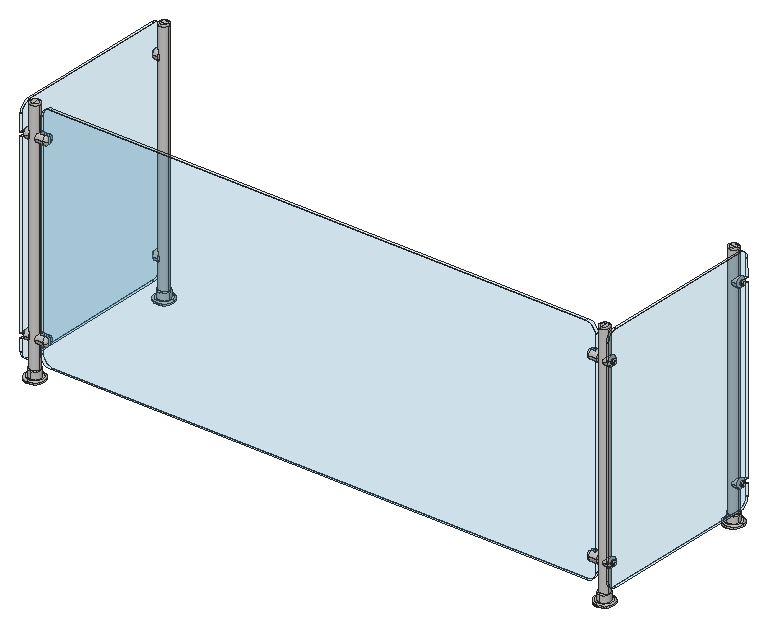
Revit family "QF_ENGLISH_M-100", category Casework, Revit 2018
Family settings
  Work Plane-Based = No
  Always vertical = Yes
  Cut with Voids When Loaded = No
  Shared = No
  Room Calculation Point = No
Parameters
  Weight in Pounds = 0
  URL Cutsheet = ""
  Type Mark [instance] = ""
  Status [instance] = ""
  Specification by User [instance] = ""
  Specification by Manufacturer = ""
  Show Left Glass [instance] = yes
  Show Right Glass [instance] = yes
  Serial Number = ""
  Seismic Rating = ""
  SMACNA No = ""
  Revision Code [instance] = ""
  RS Symbolic [instance] = not(Show Right Glass)  # no
  Omniclass Number and Title = ""
  NAFEM Spec ID Number = ""
  Model = "M-100"
  Masterspec = ""
  Manufacturer = "ENGLISH MFG. INC."
  Length [instance] = 60"
  LS Symbolic [instance] = not(Show Left Glass)  # no
  Item Number [instance] = ""
  Installed By [instance] = ""
  Identify Quantity as Lot [instance] = yes
  Height [instance] = 26"
  Glass Thickness [instance] = 3/8"  # constant formula
  Glass Material [instance] = Glass
  Furnished By [instance] = ""
  Foodservice Equipment Identifier [instance] = yes
  Description = "MATRIX SERIES"
  Depth [instance] = 17"
  CSI MasterFormat = ""
  CSI Master Format = ""
  Assembly Code = ""
  Angle [instance] = 0.00°
  A [instance] = if(Angle > 90.00°, 0.00°, Angle)  # 0.00°
Reference planes (in)
  plane 1 "BACK": y = 0
  plane 2: z = 0
  plane 3 "LEFT": x = 0
  plane 4 "RIGHT": x = 60
  plane 5 "FRONT": y = -17
  plane 6 "TOP": z = 26
  plane 7 "Center Y": x = 30
  plane 8 "Center X": y = -8.5
  plane 9: y = -15.51794
  plane 10: z = 19.49999
Forms (in)
  Extrusion 1, solid, material "Glass" <- "Glass Material"
    sketch origin (0, -17, 0) x (1, 0, 0) y (0, 0, 1)
      loop
        arc (1.76628, 26) -> (1.05924, 25.70714) -> (0.76638, 25.0001) r 0.9999
        line (0.76638, 25.0001) -> (0.76638, 2.5)
        arc (0.76638, 2.5) -> (1.06283, 1.78934) -> (1.77642, 1.5) r 1.00005
        line (1.77642, 1.5) -> (58.22434, 1.5)
        arc (58.22434, 1.5) -> (58.93793, 1.78934) -> (59.23438, 2.5) r 1.00005
        line (59.23438, 2.5) -> (59.23438, 25.0001)
        arc (59.23438, 25.0001) -> (58.94151, 25.70714) -> (58.23448, 26) r 0.9999
        line (58.23448, 26) -> (1.76628, 26)
    from -0.1875 to 0.1875
Lines and regions (in)
  symbolic lines, visible <- "Show Left Glass"
    curve 1: circle (0, 0, 0) r 1 normal (0, 0, 1)
    curve 2: line (-0.24024, 0.5, 0) -> (-0.75, 0.5, 0)
    curve 3: line (-0.24024, -0.5, 0) -> (-0.24024, -0.4385, 0)
    curve 4: line (-0.75, -0.5, 0) -> (-0.24024, -0.5, 0)
    curve 5: circle (0, 0, 0) r 0.5 normal (0, 0, 1)
    curve 6: line (-0.75, 0.5, 0) -> (-0.75, -0.5, 0)
    curve 7: line (-0.24024, 0.4385, 0) -> (-0.24024, 0.5, 0)
    curve 8: line (0.49171, -16.5, 0) -> (-0.75, -16.5, 0)
    curve 9: line (-0.75, -17.5, 0) -> (0.61093, -17.5, 0)
  symbolic lines
    curve 10: circle (0, -17, 0) r 0.5 normal (0, 0, 1)
    curve 20: circle (60, -17, 0) r 0.5 normal (0, 0, -1)
  symbolic lines, visible <- "Show Right Glass"
    curve 11: circle (60, 0, 0) r 1 normal (0, 0, -1)
    curve 12: line (60.24024, 0.5, 0) -> (60.75, 0.5, 0)
    curve 13: line (60.24024, -0.5, 0) -> (60.24024, -0.4385, 0)
    curve 14: line (60.75, -0.5, 0) -> (60.24024, -0.5, 0)
    curve 15: circle (60, 0, 0) r 0.5 normal (0, 0, -1)
    curve 16: line (60.75, 0.5, 0) -> (60.75, -0.5, 0)
    curve 17: line (60.24024, 0.4385, 0) -> (60.24024, 0.5, 0)
    curve 18: line (59.47352, -16.5, 0) -> (60.75, -16.5, 0)
    curve 19: line (60.75, -17.5, 0) -> (59.47352, -17.5, 0)
Dimensions and locks (in)
  equal spacing: plane 3 "LEFT", plane 7 "Center Y", plane 4 "RIGHT"
  "Length": plane 3 "LEFT" to plane 4 "RIGHT"
  equal spacing: plane 5 "FRONT", plane 8 "Center X", plane 1 "BACK"
  "Depth": plane 5 "FRONT" to plane 1 "BACK"
  "Height": plane 6 "TOP" to level
  plane 3 "LEFT" to Extrusion 1 sketch curve to Extrusion 1 sketch curve to Extrusion 1 sketch curve = 0.76638" locked, 0.9999" locked, 0.00015" locked
  plane 4 "RIGHT" to Extrusion 1 sketch curve to Extrusion 1 sketch curve to Extrusion 1 sketch curve = 49/64" locked, 0.9999" locked, 0.00015" locked
  plane 7 "Center Y" to plane 3 "LEFT" = 30"
  locked: plane 5 "FRONT" to plane 9 at 1.48206
  locked: Extrusion 1 sketch curve to level at 1.5
  locked: plane 10 to plane 6 "TOP" at 6.50001
  aligned and locked: level to plane 2
  aligned: plane 1 "BACK" to nested 1  (x5)
  aligned: plane 8 "Center X" to nested 1  (x2)
  aligned: plane 5 "FRONT" to nested 1  (x2)
  aligned and locked: plane 1 "BACK" to nested 1
  aligned and locked: nested 2 to plane 4 "RIGHT"
  aligned and locked: plane 6 "TOP" to Extrusion 1 sketch curve
Automatic sketch dimensions
  Extrusion 1 sketch curve to Extrusion 1 sketch curve = 0.00999"  (x2)
  curve 1 to curve 5 = 0"  (x2)
  curve 11 to curve 15 = 0"  (x2)
  plane 1 "BACK" to curve 5 = 0"
  curve 5 to plane 3 "LEFT" = 0"
  curve 10 to plane 3 "LEFT" = 0"
  plane 1 "BACK" to curve 11 = 0"
  curve 11 to plane 4 "RIGHT" = 0"
  curve 20 to plane 4 "RIGHT" = 0"
  plane 5 "FRONT" to curve 20 = 0"
  plane 5 "FRONT" to curve 10 = 0"
  curve 2 to plane 3 "LEFT" = 0.24024"
  curve 3 to plane 3 "LEFT" = 0.24024"
  curve 6 to curve 2 = 0.50976"
  curve 13 to plane 4 "RIGHT" = 0.24024"
  curve 17 to plane 4 "RIGHT" = 0.24024"
  curve 13 to curve 16 = 0.50976"
  curve 8 to plane 5 "FRONT" = 1/2"
  plane 1 "BACK" to curve 14 = 1/2"
  plane 1 "BACK" to curve 4 = 1/2"
  curve 17 to plane 1 "BACK" = 1/2"
  curve 6 to plane 1 "BACK" = 1/2"
  plane 3 "LEFT" to curve 9 = 0.61093"
  plane 4 "RIGHT" to curve 19 = 0.52648"
  plane 4 "RIGHT" to curve 18 = 0.52648"
  curve 19 to plane 4 "RIGHT" = 3/4"
  curve 18 to plane 4 "RIGHT" = 3/4"
  plane 5 "FRONT" to curve 19 = 1/2"
  curve 18 to plane 5 "FRONT" = 1/2"
  curve 3 to curve 3 = 0.0615"
  curve 13 to curve 13 = 0.0615"
  plane 3 "LEFT" to curve 8 = 0.49171"
  curve 9 to plane 3 "LEFT" = 3/4"
  curve 8 to plane 3 "LEFT" = 3/4"
  plane 5 "FRONT" to curve 9 = 1/2"
  radius of curve 1 = 1"
  radius of curve 11 = 1"
  radius of curve 20 = 1/2"
  radius of curve 10 = 1/2"
Nested families (in)
  nested 1: "M-100_SUPPORT" at (0, 0, 0), Depth <- "Depth", Show Side Glass <- "Show Left Glass", Rear Support <- "Show Left Glass", Height <- "Height", Glass Thickness <- "Glass Thickness", type "M-100_SUPPORT"
    with Show Side Glass yes, Rear Support yes, Height 26", Glass Thickness 3/8", Glass Material Glass, Depth 17"
  nested 2: "M-100_SUPPORT" at (60, 0, 0) x (-1, 0, 0) z (0, 0, 1), Depth <- "Depth", Height <- "Height", Glass Thickness <- "Glass Thickness", Show Side Glass <- "Show Right Glass", Rear Support <- "Show Right Glass", type "M-100_SUPPORT"
    with Show Side Glass yes, Rear Support yes, Height 26", Glass Thickness 3/8", Glass Material Glass, Depth 17"
Definition of nested family "M-100_SUPPORT"
  Parameters (values of type "M-100_SUPPORT")
    Show Side Glass [instance] = yes
    Rear Support [instance] = yes
    Model = ""
    Manufacturer = ""
    Height [instance] = 26"
    Glass Thickness [instance] = 3/8"
    Glass Material [instance] = none
    Description = ""
    Depth [instance] = 17"
    Assembly Code = ""
  Reference planes (in)
    plane 1 "BACK": y = 0
    plane 2: z = 0
    plane 3 "LEFT": x = 0
    plane 4 "RIGHT": x = 0
    plane 5 "FRONT": y = -17
    plane 6 "TOP": z = 26
    plane 7 "Center Y": x = 0
    plane 8 "Center X": y = -8.5
    plane 9: y = -15.51794
    plane 10: z = 23
  Forms (in)
    Extrusion 1, solid
      sketch origin (75.11626, 0, 0) x (-1, 0, 0) y (0, -1, 0)
        loop
          circle (75.11626, 17) r 0.5
      from 1 to 26
    Revolve 2, solid, visible <- "Rear Support"
      sketch origin (0, 0, 0) x (-1, 0, 0) y (0, 0, -1)
        loop
          line (0, 0) -> (-1, 0) -> (-1, -0.125)
          arc (-1, -0.125) -> (-0.96328, -0.21339) -> (-0.87489, -0.25) r 0.125
          line (-0.87489, -0.25) -> (-0.5975, -0.25) -> (-0.5975, -0.9375)
          arc (-0.5975, -0.9375) -> (-0.57913, -0.98169) -> (-0.53494, -1) r 0.0625
          line (-0.53494, -1) -> (0, -1) -> (0, 0)
        loop
          line (0, -26) -> (-0.4315, -26)
          arc (-0.4315, -26) -> (-0.5, -26.0685) -> (-0.4315, -26.137) r 0.0685
          line (-0.4315, -26.137) -> (0, -26.137) -> (0, -26)
        axis (0, -26.137) -> (0, 0)
      angle from 0 to 360
    Revolve 3, solid
      sketch origin (0, 0, 0) x (0, -1, 0) y (0, 0, -1)
        loop
          line (17, 0) -> (16, 0) -> (16, -0.125)
          arc (16, -0.125) -> (16.03672, -0.21339) -> (16.12511, -0.25) r 0.125
          line (16.12511, -0.25) -> (16.4025, -0.25) -> (16.4025, -0.9375)
          arc (16.4025, -0.9375) -> (16.42087, -0.98169) -> (16.46506, -1) r 0.0625
          line (16.46506, -1) -> (17, -1) -> (17, 0)
        loop
          line (17, -26) -> (16.5685, -26)
          arc (16.5685, -26) -> (16.5, -26.0685) -> (16.5685, -26.137) r 0.0685
          line (16.5685, -26.137) -> (17, -26.137) -> (17, -26)
        axis (17, -26.137) -> (17, 0)
      angle from 0 to 360
    Extrusion 4, solid, material <- "Glass Material", visible <- "Show Side Glass"
      sketch origin (-0.75, 0, 0) x (0, 1, 0) y (0, 0, -1)
        loop
          line (0.6875, -24.98714) -> (0.6875, -23.1875) -> (0, -23.1875)
          arc (0, -23.1875) -> (-0.1875, -23) -> (0, -22.8125) r 0.1875
          line (0, -22.8125) -> (0.6875, -22.8125) -> (0.6875, -4.1875) -> (0, -4.1875)
          arc (0, -4.1875) -> (-0.1875, -4) -> (0, -3.8125) r 0.1875
          line (0, -3.8125) -> (0.6875, -3.8125) -> (0.6875, -2.49885)
          arc (0.6875, -2.49885) -> (0.39461, -1.79175) -> (-0.3125, -1.49885) r 1
          line (-0.3125, -1.49885) -> (-16.6875, -1.49885)
          arc (-16.6875, -1.49885) -> (-17.39461, -1.79175) -> (-17.6875, -2.49885) r 1
          line (-17.6875, -2.49885) -> (-17.6875, -3.8125) -> (-17, -3.8125)
          arc (-17, -3.8125) -> (-16.8125, -4) -> (-17, -4.1875) r 0.1875
          line (-17, -4.1875) -> (-17.6875, -4.1875) -> (-17.6875, -22.8125) -> (-17, -22.8125)
          arc (-17, -22.8125) -> (-16.8125, -23) -> (-17, -23.1875) r 0.1875
          line (-17, -23.1875) -> (-17.6875, -23.1875) -> (-17.6875, -24.98714)
          arc (-17.6875, -24.98714) -> (-17.39461, -25.69424) -> (-16.6875, -25.98714) r 1
          line (-16.6875, -25.98714) -> (-0.3125, -25.98714)
          arc (-0.3125, -25.98714) -> (0.39461, -25.69424) -> (0.6875, -24.98714) r 1
      from 0 to 0.25
    Extrusion 5, solid, visible <- "Rear Support"
      sketch origin (75.11626, 0, 0) x (-1, 0, 0) y (0, -1, 0)
        loop
          circle (75.11626, 0) r 0.5
      from 1 to 26
  Dimensions and locks (in)
    plane 3 "LEFT" to plane 4 "RIGHT" to plane 7 "Center Y" = 0", 0"
    plane 3 "LEFT" to plane 4 "RIGHT" = 0"
    equal spacing: plane 5 "FRONT", plane 8 "Center X", plane 1 "BACK"
    "Depth": plane 5 "FRONT" to plane 1 "BACK"
    "Height": plane 6 "TOP" to level
    locked: plane 5 "FRONT" to plane 9 at 1.48206
    plane 6 "TOP" to plane 10 = 3"
    locked: Extrusion 4 sketch curve to plane 5 "FRONT" at 0  (x2)
    locked: Extrusion 4 sketch curve to plane 1 "BACK" at 0  (x2)
    aligned and locked: level to plane 2
    aligned and locked: plane 6 "TOP" to Extrusion 1
    aligned and locked: plane 6 "TOP" to Extrusion 5
    aligned and locked: plane 10 to nested 2
    aligned and locked: nested 3 to plane 5 "FRONT"
    aligned and locked: nested 4 to plane 5 "FRONT"
    aligned and locked: nested 6 to plane 1 "BACK"
    aligned and locked: nested 5 to plane 1 "BACK"
    aligned and locked: nested 2 to plane 5 "FRONT"
    aligned and locked: nested 1 to plane 5 "FRONT"
  Automatic sketch dimensions
    Extrusion 1 sketch curve to plane 3 "LEFT" = 0"
    plane 5 "FRONT" to Extrusion 1 sketch curve = 0"
    Revolve 2 sketch curve to level = 0"
    Revolve 2 sketch curve to plane 6 "TOP" = 0"
    Revolve 2 sketch curve to plane 3 "LEFT" = 0"  (x3)
    plane 6 "TOP" to Revolve 2 sketch curve = 0.137"
    plane 3 "LEFT" to Revolve 2 sketch curve = 0.4315"
    plane 3 "LEFT" to Revolve 2 sketch curve = 0.53494"
    level to Revolve 2 sketch curve = 1/4"
    plane 3 "LEFT" to Revolve 2 sketch curve = 0.5975"
    level to Revolve 2 sketch curve = 1/8"
    Revolve 2 sketch curve to Revolve 2 sketch curve = 0.27739"
    Revolve 2 sketch curve to Revolve 2 sketch curve = 0.00011"
    Revolve 2 sketch curve to Revolve 2 sketch curve = 0.0685"
    Revolve 2 sketch curve to Revolve 2 sketch curve = 3/4"
    Revolve 2 sketch curve to Revolve 2 sketch curve = 1/16"
    Revolve 2 sketch curve to Revolve 2 sketch curve = 0"  (x4)
    Revolve 2 sketch curve to Revolve 2 sketch curve = 1/4"
    Revolve 3 sketch curve to level = 0"
    Revolve 3 sketch curve to plane 6 "TOP" = 0"
    Revolve 3 sketch curve to plane 5 "FRONT" = 0"  (x3)
    plane 6 "TOP" to Revolve 3 sketch curve = 0.137"
    Revolve 3 sketch curve to Revolve 3 sketch curve = 0.4315"
    Revolve 3 sketch curve to Revolve 3 sketch curve = 0.53494"
    level to Revolve 3 sketch curve = 1/4"
    Revolve 3 sketch curve to plane 5 "FRONT" = 0.5975"
    level to Revolve 3 sketch curve = 1/8"
    Revolve 3 sketch curve to Revolve 3 sketch curve = 0.27739"
    Revolve 3 sketch curve to Revolve 3 sketch curve = 0.00011"
    Revolve 3 sketch curve to Revolve 3 sketch curve = 0.0685"
    Revolve 3 sketch curve to Revolve 3 sketch curve = 3/4"
    Revolve 3 sketch curve to Revolve 3 sketch curve = 1/16"
    Revolve 3 sketch curve to Revolve 3 sketch curve = 0"  (x4)
    Revolve 3 sketch curve to Revolve 3 sketch curve = 1/4"
    plane 1 "BACK" to Extrusion 5 sketch curve = 0"
    Extrusion 5 sketch curve to plane 3 "LEFT" = 0"
    Extrusion 4 sketch curve to plane 10 = 0"  (x2)
    plane 5 "FRONT" to Extrusion 4 sketch curve = 11/16"  (x2)
    plane 10 to Extrusion 4 sketch curve = 3/16"  (x2)
    Extrusion 4 sketch curve to Extrusion 4 sketch curve = 0"  (x3)
    Extrusion 4 sketch curve to plane 5 "FRONT" = 5/16"  (x2)
    Extrusion 4 sketch curve to plane 6 "TOP" = 0.01286"
    plane 1 "BACK" to Extrusion 4 sketch curve = 5/16"  (x2)
    Extrusion 4 sketch curve to Extrusion 4 sketch curve = 11/16"
    level to Extrusion 4 sketch curve = 4 3/16"  (x2)
    Extrusion 4 sketch curve to Extrusion 4 sketch curve = 3/16"  (x2)
    Extrusion 4 sketch curve to Extrusion 4 sketch curve = 1.31365"
    radius of Extrusion 1 sketch curve = 1/2"
    radius of Extrusion 5 sketch curve = 1/2"
  Nested families (in)
    nested 1: "M-106" at (0.42139, -16.5, 3.99669), Glass Thickness <- "Glass Thickness", type "M-106"
      with Type Mark "", Status "", Specification by User "", Revision Code "", Item Number "", Installed By "", Identify Quantity as Lot yes, H 13 1/4", Glass Thickness 3/8", Furnished By "", Foodservice Equipment Identifier yes, Angle 0.00°
    nested 2: "M-106" at (0.42139, -16.5, 23), Glass Thickness <- "Glass Thickness", type "M-106"
      with Type Mark "", Status "", Specification by User "", Revision Code "", Item Number "", Installed By "", Identify Quantity as Lot yes, H 13 1/4", Glass Thickness 3/8", Furnished By "", Foodservice Equipment Identifier yes, Angle 0.00°
    nested 3: "Glass Clip" at (0, -17, 4) x (-1, 0, 0) z (0, 0, 1), visible <- "Show Side Glass", type "Glass Clip"
    nested 4: "Glass Clip" at (0, -17, 23) x (-1, 0, 0) z (0, 0, 1), visible <- "Show Side Glass", type "Glass Clip"
    nested 5: "Glass Clip" at (0, 0, 4) x (-1, 0, 0) z (0, 0, 1), visible <- "Show Side Glass", type "Glass Clip"
    nested 6: "Glass Clip" at (0, 0, 23) x (-1, 0, 0) z (0, 0, 1), visible <- "Show Side Glass", type "Glass Clip"
  Definition of nested family "M-106"
    Parameters (values of type "M-106")
      Weight in Pounds = 0
      URL Cutsheet = ""
      Type Mark [instance] = ""
      Status [instance] = ""
      Specification by User [instance] = ""
      Specification by Manufacturer = ""
      Serial Number = ""
      Seismic Rating = ""
      SMACNA No = ""
      Revision Code [instance] = ""
      Omniclass Number and Title = ""
      NAFEM Spec ID Number = ""
      Masterspec = ""
      Item Number [instance] = ""
      Installed By [instance] = ""
      Identify Quantity as Lot [instance] = yes
      H [instance] = 13 1/4"
      Glass Thickness [instance] = 3/8"
      Furnished By [instance] = ""
      Foodservice Equipment Identifier [instance] = yes
      CSI MasterFormat = ""
      CSI Master Format = ""
      Assembly Code = ""
      Angle [instance] = 0.00°
    Reference planes (in)
      plane 1 "BACK": y = 0
      plane 2: z = 0
      plane 3 "LEFT": x = 0
      plane 4 "RIGHT": x = 1.125
      plane 5 "FRONT": y = -1
      plane 6 "TOP": z = 16.5
      plane 7 "Center Y": x = 0.5625
      plane 8 "Center X": y = -0.5
      plane 9: y = 0
      plane 10: y = -1
      plane 11: x = -0.35356
    Forms (in)
      Extrusion 1, void
        sketch origin (0.5625, -0.5, -1.25) x (0, 0, 1) y (0, 1, 0)
          loop
            line (2.32736, -0.1875) -> (2.32736, 0.1875) -> (-15.35314, 0.1875) -> (-15.35314, -0.1875) -> (2.32736, -0.1875)
        from -0.5625 to 0.21719
      Revolve 2, solid
        sketch origin (0.5625, -0.5, 0) x (1, 0, 0) y (0, 1, 0)
          loop
            line (-0.5625, -0.5) -> (0.2625, -0.5)
            arc (0.2625, -0.5) -> (0.47463, -0.41213) -> (0.5625, -0.2) r 0.3
            line (0.5625, -0.2) -> (0.5625, 0) -> (-0.5625, 0) -> (-0.5625, -0.5)
          axis (-0.5625, 0) -> (0.5625, 0)
        angle from 0 to 360
    Cuts and joins
      Extrusion 1 cuts Revolve 2
    Lines and regions (in)
      reference lines
        curve 1: line (0.5625, -0.5, 0) -> (0.5625, -0.5, -15.46791)
    Dimensions and locks (in)
      equal spacing: plane 3 "LEFT", plane 7 "Center Y", plane 4 "RIGHT"
      plane 3 "LEFT" to plane 4 "RIGHT" = 1 1/8"
      equal spacing: plane 5 "FRONT", plane 8 "Center X", plane 1 "BACK"
      plane 5 "FRONT" to plane 1 "BACK" = 1"
      "Glass Thickness": Extrusion 1 sketch curve to Extrusion 1 sketch curve
      locked: Extrusion 1 sketch curve to curve 1 at 1.13523
      locked: Extrusion 1 sketch curve to curve 1 at 1.07736
      "Angle": angle curve 1 to plane 8 "Center X"
      aligned and locked: level to plane 2
      aligned: Extrusion 1 to level
      aligned and locked: plane 8 "Center X" to curve 1
      aligned and locked: plane 2 to curve 1
    Automatic sketch dimensions
      Revolve 2 sketch curve to plane 3 "LEFT" = 0"  (x2)
      plane 5 "FRONT" to Revolve 2 sketch curve = 0"
      Revolve 2 sketch curve to plane 4 "RIGHT" = 0"
      plane 7 "Center Y" to Revolve 2 sketch curve = 0.2625"
      plane 8 "Center X" to Revolve 2 sketch curve = 0"
      Revolve 2 sketch curve to Revolve 2 sketch curve = 0.20247"
      Revolve 2 sketch curve to Revolve 2 sketch curve = 0"
      Extrusion 1 sketch curve to curve 1 = 3/16"
  Definition of nested family "Glass Clip"
    Reference planes (in)
      plane 1 "Center X": y = 0
      plane 2: z = 0
      plane 3 "Center Y": x = 0
    Forms (in)
      Extrusion 1, solid
        sketch origin (0, 0, 0) x (0, 1, 0) y (0, 0, 1)
          loop
            circle (0, 0) r 0.5
        from 0.75 to 0.25
      Extrusion 2, solid
        sketch origin (0, 0, 0) x (0, 1, 0) y (0, 0, 1)
          loop
            circle (0, 0) r 0.1875
        from 1 to 0.75
      Revolve 3, solid
        sketch origin (0, 0, 0) x (1, 0, 0) y (0, 0, 1)
          loop
            line (1.09375, 0) -> (1.09375, -0.09375) -> (1.125, -0.09375)
            arc (1.125, -0.09375) -> (1.16919, -0.07544) -> (1.1875, -0.03125) r 0.0625
            line (1.1875, -0.03125) -> (1.1875, 0) -> (1.09375, 0)
          axis (1.09375, 0) -> (1.1875, 0)
        angle from 0 to 360
      Extrusion 4, solid
        sketch origin (0, 0, 0) x (0, 1, 0) y (0, 0, 1)
          loop
            circle (0, 0) r 0.25
        from 1 to 1.03125
      Extrusion 5, solid
        sketch origin (0, 0, 0) x (0, 1, 0) y (0, 0, 1)
          loop
            line (0, 0.10983) -> (-0.09512, 0.05492) -> (-0.09512, -0.05492) -> (0, -0.10983) -> (0.09512, -0.05492) -> (0.09512, 0.05492) -> (0, 0.10983)
        from 1.03125 to 1.09375
    Lines and regions (in)
      symbolic lines
        curve 1: line (0, 0.02729, 0) -> (0, -0.0422, 0)
    Dimensions and locks (in)
      aligned and locked: level to plane 2
